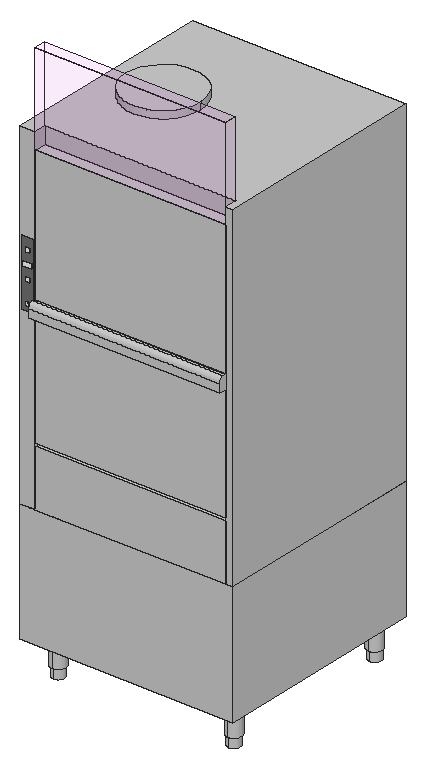
Revit family "QF_COMENDA_6G3150_6G3180_6G3185_6G3257_CAT", category Attrezzature speciali, Revit 2021
Family settings
  Quota connettore circolare = Usa diametro
  Tipo di parte = Normale
  Numero OmniClass = 23.40.40.14
  Titolo OmniClass = Food Service Equipment
  Basato su piano di lavoro = No
  Sempre verticale = Sì
  Taglio con vuoti quando caricato = No
  Condiviso = No
  Punto di calcolo locali = No
Parameters (values of type "6G3257")
  URL catalogo = "https://comenda.eu/wp-content/uploads/2024/02/Scheda-tecnica_G-EVO-605-R_15.02.2024_ITA.pdf"
  URL = "www.comenda.eu"
  Tensione = 400 V
  Temperatura raccomandata per acqua calda = 50 °C
  Show Logo [instance] = yes
  Show Clearance [instance] = yes
  Protezione contro le sovracorrenti = 16 A
  Prospetto di default = 0 mm
  Profondità = 900 mm
  Pressione minima acqua calda = 200000.0 Pa
  Potenza elettrica = 9000 W
  Pessione minima acqua fredda = 200000.0 Pa
  Peso netto = 200.00 kg
  Numero dei poli = 3
  Modello = "G-EVO 605H R RCD"
  Produttore = "COMENDA"
  Lunghezza = 860 mm
  Frequenza = 50 Hz
  Fase = 3
  Diametro raccordo acqua calda = 3/4"
  Diametro dello scarico diretto di acqua = 1 3/8"
  Descrizione = "THREE-PHASE FRONT LOADING POTWASHER WITH RCD"
  Corrente di funzionamento normale = 13.7 A
  Assembly Code = ""
  Altezza dello scarico diretto acqua da pavimento finito = 145 mm
  Altezza da terra raccordo acqua calda = 175 mm
  Altezza allacciamento elettrico da pavimento finito = 135 mm
  Altezza = 2020 mm
Types (4, lengths in mm): name | URL catalogo | Modello | Altezza
  6G3257 | "https://comenda.eu/wp-content/uploads/2024/02/Scheda-tecnica_G-EVO-605-R_15.02.2024_ITA.pdf" | "G-EVO 605H R RCD" | 2020
  6G3150 | "https://comenda.eu/wp-content/uploads/2024/02/Scheda-tecnica_G-EVO-605-R_15.02.2024_ITA.pdf" | "G-EVO 605 R RCD" | 1870
  6G3180 | "https://comenda.eu/wp-content/uploads/2024/02/Scheda-tecnica_G-EVO-655-R_15.02.2024_ITA.pdf" | "G-EVO 655 R RCD" | 1870
  6G3185 | "https://comenda.eu/wp-content/uploads/2024/02/Scheda-tecnica_G-EVO-655-R_15.02.2024_ITA.pdf" | "G-EVO 655H R RCD" | 2020
Reference planes
  plane 1 "Back": y = 0
  plane 2: z = 0
  plane 3 "Left": x = -30
  plane 4 "Right": x = 830
  plane 5 "Front": y = -900
  plane 6 "Top": z = 2020
Forms (mm)
  Revolve 1, solid
    sketch origin (60, 0, 0) x (0, 1, 0) y (0, 0, 1)
      loop
        line (-50, 135) -> (-80, 135) -> (-80, 0) -> (-55, 0) -> (-55, 40) -> (-50, 40) -> (-50, 135)
      axis (-80, 0) -> (-80, 135)
    angle from 0 to 360
  Revolve 2, solid
    sketch origin (60, -710, 0) x (0, 1, 0) y (0, 0, 1)
      loop
        line (-50, 135) -> (-80, 135) -> (-80, 0) -> (-55, 0) -> (-55, 40) -> (-50, 40) -> (-50, 135)
      axis (-80, 0) -> (-80, 135)
    angle from 0 to 360
  Revolve 3, solid
    sketch origin (770, 0, 0) x (0, 1, 0) y (0, 0, 1)
      loop
        line (-50, 135) -> (-80, 135) -> (-80, 0) -> (-55, 0) -> (-55, 40) -> (-50, 40) -> (-50, 135)
      axis (-80, 0) -> (-80, 135)
    angle from 0 to 360
  Revolve 4, solid
    sketch origin (770, -710, 0) x (0, 1, 0) y (0, 0, 1)
      loop
        line (-50, 135) -> (-80, 135) -> (-80, 0) -> (-55, 0) -> (-55, 40) -> (-50, 40) -> (-50, 135)
      axis (-80, 0) -> (-80, 135)
    angle from 0 to 360
  Extrusion 5, solid
    sketch origin (0, 0, 725.5) x (1, 0, 0) y (0, 1, 0)
      loop
        line (-30, 0) -> (-30, -870) -> (30, -870) -> (30, -820) -> (800, -820) -> (800, -870) -> (830, -870) -> (830, 0) -> (-30, 0)
    from -99.4 to 1266
  Extrusion 6, solid
    sketch origin (0, 0, 0) x (1, 0, 0) y (0, 1, 0)
      loop
        line (-30, 0) -> (-30, -870) -> (830, -870) -> (830, 0) -> (-30, 0)
    from 135 to 625
  Extrusion 7, solid
    sketch origin (30, 0, 1995) x (1, 0, 0) y (0, 1, 0)
      loop
        circle (170, -435) r 150
    from -3.5 to 25
  Extrusion 8, solid
    sketch origin (30, 0, -174) x (0, 1, 0) y (0, 0, 1)
      loop
        line (-900, 1504) -> (-870, 1504) -> (-870, 1559) -> (-880, 1559)
        arc (-880, 1559) -> (-894.142, 1553.142) -> (-900, 1539) r 20
        line (-900, 1539) -> (-900, 1504)
    from 0 to 770
  Extrusion 9, solid
    sketch origin (0, 0, 625) x (1, 0, 0) y (0, 1, 0)
      loop
        line (30, -870) -> (798.5, -870) -> (798.5, -820) -> (30, -820) -> (30, -870)
    from 0 to 229
  Extrusion 10, solid
    sketch origin (0, 0, 714.969) x (1, 0, 0) y (0, 1, 0)
      loop
        line (30, -870) -> (798.5, -870) -> (798.5, -820) -> (30, -820) -> (30, -870)
    from 150 to 670.031
  Extrusion 11, solid
    sketch origin (0, 1874.578, 2020) x (0, 1, 0) y (-1, 0, 0)
      loop
        line (-2744.578, -30) -> (-2744.578, -798.5) -> (-2694.578, -798.5) -> (-2694.578, -30) -> (-2744.578, -30)
    from -635 to -95
  Extrusion 12, solid, visible <- "Show Clearance", detail levels coarse
    sketch origin (30, 0, -119.416) x (0, 1, 0) y (0, 0, 1)
      loop
        line (-870, 984.386) -> (-870, 1504.386)
        arc (-870, 1504.386) -> (-1237.696, 1352.081) -> (-1390, 984.386) r 520
        line (-1390, 984.386) -> (-870, 984.386)
    from 0 to 768.5
  Extrusion 13, solid
    sketch origin (-775.007, -868.2, 645.031) x (1, 0, 0) y (0, 0, 1)
      loop
        line (800, 954.969) -> (750, 954.969) -> (750, 684.969) -> (800, 684.969) -> (800, 954.969)
    from 0 to 2
  Extrusion 14, solid
    sketch origin (-1776.5, -868.4, 885) x (1, 0, 0) y (0, 0, 1)
      loop
        line (1795, 624) -> (1758, 624) -> (1758, 606) -> (1795, 606) -> (1795, 624)
      loop
        line (1784.5, 569.5) -> (1768.5, 569.5) -> (1768.5, 553.5) -> (1784.5, 553.5) -> (1784.5, 569.5)
      loop
        line (1784.5, 676.5) -> (1768.5, 676.5) -> (1768.5, 660.5) -> (1784.5, 660.5) -> (1784.5, 676.5)
    from 0 to 2
  Extrusion 15, solid
    sketch origin (-1876.64, -868.4, 678.381) x (1, 0, 0) y (0, 0, 1)
      loop
        circle (1876.599, 679.608) r 7
    from 0.4 to 2.4
  Extrusion 16, solid
    sketch origin (800, -870, 725.5) x (0, 1, 0) y (0, 0, -1)
      loop
        line (0, -1199.5) -> (0, -1569.5) -> (50, -1569.5) -> (50, -1199.5) -> (0, -1199.5)
    from 0 to 770
  Extrusion 17, void
    sketch origin (60, -790, 0) x (1, 0, 0) y (0, 1, 0)
      loop
        circle (-20, 130) r 9.55
    from 0 to 175
  Extrusion 18, void
    sketch origin (60, -790, 0) x (1, 0, 0) y (0, 1, 0)
      loop
        circle (539.96, 180) r 17.5
    from 0 to 145
  Extrusion 19, solid
    sketch origin (0, 0, 135) x (0, 1, 0) y (1, 0, 0)
      loop
        circle (-848, 745) r 4.875
    from 0 to 1
Cuts and joins
  Extrusion 17, Extrusion 18 cuts Extrusion 5
  Extrusion 17, Extrusion 18 cuts Extrusion 6
  joined: Extrusion 5, Extrusion 6
Lines and regions (mm)
  symbolic lines, style "200-EquipBorder-2D"
    curve 1: line (-30, 0, 0) -> (830, 0, 0)
    curve 2: line (-30, -870, 0) -> (-30, 0, 0)
    curve 3: line (830, -870, 0) -> (-30, -870, 0)
    curve 4: line (830, 0, 0) -> (830, -870, 0)
    curve 5: line (30, -870, 0) -> (30, -900, 0)
    curve 6: line (30, -900, 0) -> (800, -900, 0)
    curve 7: line (800, -900, 0) -> (800, -870, 0)
    curve 10: line (800, -820, 0) -> (800, -870, 0)
  symbolic lines, style "200-EquipInternal-2D"
    curve 8: line (30, -870, 0) -> (30, -820, 0)
    curve 9: line (30, -820, 0) -> (800, -820, 0)
    curve 11: circle (200, -435, 0) r 150 normal (0, 0, 1)
  symbolic lines, style "QF_Door-Drawer Clearances", visible <- "Show Clearance"
    curve 12: line (30, -870, 0) -> (30, -1390, 0)
    curve 13: line (798.5, -1390, 0) -> (798.5, -870, 0)
    curve 14: line (30, -1390, 0) -> (798.5, -1390, 0)
  symbolic lines, style "200-InsPoint-3D"
    curve 15: circle (-30, 0, 0) r 0.2 normal (0, 0, 1)
    curve 16: circle (830, 0, 0) r 0.2 normal (0, 0, 1)
    curve 17: circle (-30, -870, 0) r 0.2 normal (0, 0, 1)
    curve 18: circle (830, -870, 0) r 0.2 normal (0, 0, 1)
Dimensions and locks
  plane 3 "Left" to plane 4 "Right" = 860 mm
  plane 5 "Front" to plane 1 "Back" = 900 mm
  plane 6 "Top" to level = 2020 mm
  "Altezza": plane 6 "Top" to level
  Extrusion 7 to cut or joined group of Extrusion 5, Extrusion 6, Extrusion 17, Extrusion 18 = 28.5 mm
  cut or joined group of Extrusion 5, Extrusion 6, Extrusion 17, Extrusion 18 to Extrusion 11 = 66.5 mm
  locked: Extrusion 16 sketch curve to Extrusion 7 at 275
  locked: level to Extrusion 9 at 854
  locked: Extrusion 5 to plane 6 "Top" at 28.5
  locked: Extrusion 13 to Extrusion 14 at 109
  locked: Extrusion 13 to level at 1330
  cut or joined group of Extrusion 5, Extrusion 6, Extrusion 17, Extrusion 18 to Extrusion 16 = 66.5 mm
  locked: Extrusion 10 to level at 864.969
  level to Extrusion 12 sketch curve to Extrusion 12 sketch curve = 864.969 mm locked, 520 mm
  locked: cut or joined group of Extrusion 5, Extrusion 6, Extrusion 17, Extrusion 18 to Extrusion 11 at 606.5
  locked: Extrusion 11 to Extrusion 8 at 55
  locked: cut or joined group of Extrusion 5, Extrusion 6, Extrusion 17, Extrusion 18 to level at 625
  locked: cut or joined group of Extrusion 5, Extrusion 6, Extrusion 17, Extrusion 18 to level at 135
  aligned and locked: level to plane 2
  aligned and locked: Extrusion 16 sketch curve to Extrusion 11  (x2)
  aligned and locked: cut or joined group of Extrusion 5, Extrusion 6, Extrusion 17, Extrusion 18 to Extrusion 16 sketch curve
  aligned and locked: plane 6 "Top" to Extrusion 7
  aligned and locked: Extrusion 7 to cut or joined group of Extrusion 5, Extrusion 6, Extrusion 17, Extrusion 18
  aligned and locked: Extrusion 10 to Extrusion 11
  aligned and locked: Extrusion 8 to Extrusion 11
Automatic sketch dimensions
  Revolve 1 sketch curve to level = 0 mm
  plane 1 "Back" to Revolve 1 sketch curve = 80 mm
  Revolve 1 sketch curve to Revolve 1 sketch curve = 25 mm
  Revolve 1 sketch curve to Revolve 1 sketch curve = 5 mm
  level to Revolve 1 sketch curve = 40 mm
  Revolve 1 sketch curve to Revolve 1 sketch curve = 95 mm
  Revolve 1 sketch curve to Revolve 1 sketch curve = 0 mm
  Revolve 1 sketch curve to Revolve 1 sketch curve = 35 mm
  Revolve 1 sketch curve to Revolve 1 sketch curve = 50 mm
  Revolve 2 sketch curve to level = 0 mm
  plane 5 "Front" to Revolve 2 sketch curve = 110 mm
  Revolve 2 sketch curve to Revolve 2 sketch curve = 25 mm
  Revolve 2 sketch curve to Revolve 2 sketch curve = 5 mm
  level to Revolve 2 sketch curve = 40 mm
  Revolve 2 sketch curve to Revolve 2 sketch curve = 95 mm
  Revolve 2 sketch curve to Revolve 2 sketch curve = 0 mm
  Revolve 2 sketch curve to Revolve 2 sketch curve = 35 mm
  Revolve 2 sketch curve to Revolve 2 sketch curve = 50 mm
  Revolve 3 sketch curve to level = 0 mm
  plane 1 "Back" to Revolve 3 sketch curve = 80 mm
  Revolve 3 sketch curve to Revolve 3 sketch curve = 25 mm
  Revolve 3 sketch curve to Revolve 3 sketch curve = 5 mm
  level to Revolve 3 sketch curve = 40 mm
  Revolve 3 sketch curve to Revolve 3 sketch curve = 95 mm
  Revolve 3 sketch curve to Revolve 3 sketch curve = 0 mm
  Revolve 3 sketch curve to Revolve 3 sketch curve = 35 mm
  Revolve 3 sketch curve to Revolve 3 sketch curve = 50 mm
  Revolve 4 sketch curve to level = 0 mm
  plane 5 "Front" to Revolve 4 sketch curve = 110 mm
  Revolve 4 sketch curve to Revolve 4 sketch curve = 25 mm
  Revolve 4 sketch curve to Revolve 4 sketch curve = 5 mm
  level to Revolve 4 sketch curve = 40 mm
  Revolve 4 sketch curve to Revolve 4 sketch curve = 95 mm
  Revolve 4 sketch curve to Revolve 4 sketch curve = 0 mm
  Revolve 4 sketch curve to Revolve 4 sketch curve = 35 mm
  Revolve 4 sketch curve to Revolve 4 sketch curve = 50 mm
  plane 1 "Back" to Extrusion 5 sketch curve = 0 mm
  Extrusion 5 sketch curve to plane 3 "Left" = 0 mm
  Extrusion 5 sketch curve to plane 4 "Right" = 0 mm
  plane 3 "Left" to Extrusion 5 sketch curve = 60 mm
  plane 4 "Right" to Extrusion 5 sketch curve = 30 mm
  plane 5 "Front" to Extrusion 5 sketch curve = 80 mm
  plane 5 "Front" to Extrusion 5 sketch curve = 30 mm  (x2)
  Extrusion 6 sketch curve to plane 3 "Left" = 0 mm
  Extrusion 6 sketch curve to plane 4 "Right" = 0 mm
  plane 1 "Back" to Extrusion 6 sketch curve = 0 mm
  plane 5 "Front" to Extrusion 6 sketch curve = 30 mm
  plane 3 "Left" to Extrusion 7 sketch curve = 230 mm
  plane 1 "Back" to Extrusion 7 sketch curve = 435 mm
  Extrusion 8 sketch curve to plane 5 "Front" = 0 mm
  plane 5 "Front" to Extrusion 8 sketch curve = 20 mm
  plane 5 "Front" to Extrusion 8 sketch curve = 30 mm
  Extrusion 8 sketch curve to Extrusion 8 sketch curve = 35 mm
  plane 3 "Left" to Extrusion 9 sketch curve = 60 mm
  plane 4 "Right" to Extrusion 9 sketch curve = 31.5 mm
  plane 5 "Front" to Extrusion 9 sketch curve = 30 mm
  Extrusion 9 sketch curve to Extrusion 9 sketch curve = 50 mm
  plane 3 "Left" to Extrusion 10 sketch curve = 60 mm
  plane 4 "Right" to Extrusion 10 sketch curve = 31.5 mm
  plane 5 "Front" to Extrusion 10 sketch curve = 30 mm
  Extrusion 10 sketch curve to Extrusion 10 sketch curve = 50 mm
  plane 4 "Right" to Extrusion 13 sketch curve = 855.007 mm
  plane 4 "Right" to Extrusion 13 sketch curve = 805.007 mm
  level to Extrusion 13 sketch curve = 1330 mm
  Extrusion 13 sketch curve to Extrusion 13 sketch curve = 270 mm
  plane 4 "Right" to Extrusion 15 sketch curve = 830.041 mm
  level to Extrusion 15 sketch curve = 1357.989 mm
  plane 4 "Right" to Extrusion 14 sketch curve = 848.5 mm
  Extrusion 14 sketch curve to Extrusion 14 sketch curve = 10.5 mm  (x3)
  Extrusion 14 sketch curve to Extrusion 14 sketch curve = 16 mm  (x4)
  level to Extrusion 14 sketch curve = 1438.5 mm
  Extrusion 14 sketch curve to Extrusion 14 sketch curve = 36.5 mm  (x2)
  Extrusion 14 sketch curve to Extrusion 14 sketch curve = 18 mm
  Revolve 2 to Extrusion 17 sketch curve = 20 mm
  Extrusion 18 sketch curve to Revolve 2 = 539.96 mm
  Extrusion 6 to Extrusion 19 sketch curve = 22 mm
  Extrusion 6 to Extrusion 19 sketch curve = 85 mm
  Extrusion 8 sketch curve to plane 6 "Top" = 690 mm
  plane 5 "Front" to Extrusion 11 sketch curve = 30 mm
  Extrusion 11 sketch curve to Extrusion 11 sketch curve = 50 mm
  plane 4 "Right" to Extrusion 11 sketch curve = 31.5 mm
  plane 3 "Left" to Extrusion 11 sketch curve = 60 mm
  plane 5 "Front" to Extrusion 12 sketch curve = 30 mm
  Extrusion 12 sketch curve to Extrusion 12 sketch curve = 520 mm
  level to Extrusion 12 sketch curve = 864.969 mm
  curve 17 to plane 3 "Left" = 0 mm
  curve 2 to plane 3 "Left" = 0 mm
  plane 1 "Back" to curve 15 = 0 mm
  curve 15 to plane 3 "Left" = 0 mm
  curve 5 to plane 5 "Front" = 0 mm
  curve 4 to plane 4 "Right" = 0 mm
  plane 1 "Back" to curve 16 = 0 mm
  curve 16 to plane 4 "Right" = 0 mm
  curve 18 to plane 4 "Right" = 0 mm
  plane 1 "Back" to curve 2 = 0 mm
  plane 3 "Left" to curve 14 = 60 mm
  curve 5 to curve 12 = 0 mm
  curve 9 to curve 5 = 0 mm
  plane 3 "Left" to curve 11 = 230 mm
  plane 4 "Right" to curve 14 = 31.5 mm
  plane 4 "Right" to curve 9 = 30 mm
  curve 6 to curve 10 = 0 mm
  curve 13 to plane 5 "Front" = 490 mm
  plane 5 "Front" to curve 4 = 30 mm
  curve 17 to curve 2 = 0 mm
  curve 18 to curve 3 = 0 mm
  curve 7 to curve 9 = 50 mm
  curve 8 to curve 11 = 385 mm
  radius of Extrusion 7 sketch curve = 150 mm
  radius of Extrusion 15 sketch curve = 7 mm
  radius of Extrusion 17 sketch curve = 9.55 mm
  radius of Extrusion 18 sketch curve = 17.5 mm
  radius of Extrusion 19 sketch curve = 4.875 mm
  radius of curve 11 = 150 mm
  radius of curve 15 = 0.2 mm
  radius of curve 16 = 0.2 mm
  radius of curve 17 = 0.2 mm
  radius of curve 18 = 0.2 mm
Connectors
  piping at (599.96, -610, 145), diameter 34.925, driven by "Diametro dello scarico diretto di acqua"
    settings: on cut or joined group of Extrusion 5, Extrusion 6, Extrusion 17, Extrusion 18, index 1, connector inside diameter 24", connector length 0 mm, flow factor 0, pipe flow 0.0 L/s, pressure drop 0.0 Pa, fitting loss kfactor 0, connector angle 0.00°, fixture units 0, engagement length 0 mm, angle of deflection 0.00°, flow configuration 0, flow direction 2, fitting loss method 0, system type 7, joint type 0, gender type 0, connector reference index -1, connector utility 0, adjustable connector no, is connector primary yes, connector description "QF_DRAIN_CONNECTION"
  piping at (40, -660, 175), diameter 19.05, driven by "Diametro raccordo acqua calda"
    settings: on cut or joined group of Extrusion 5, Extrusion 6, Extrusion 17, Extrusion 18, index 2, connector inside diameter 24", connector length 0 mm, flow factor 0, pipe flow 0.0 L/s, pressure drop 0.0 Pa, fitting loss kfactor 0, connector angle 0.00°, fixture units 0, engagement length 0 mm, angle of deflection 0.00°, flow configuration 0, flow direction 1, fitting loss method 0, system type 7, joint type 0, gender type 0, connector reference index -1, connector utility 0, adjustable connector no, is connector primary no, connector description "WATER_CONNECTION"
  electrical at (745, -848, 135), driven by "Numero dei poli", driven by "Tensione", driven by "Potenza elettrica"
    settings: on Extrusion 19, index 3, voltage 400 V, apparent load 9000 VA, apparent load phase1 0 VA, apparent load phase2 0 VA, apparent load phase3 0 VA, power factor 1, load classification "Altro", number of poles 3, system type 30, power factor state 1, is connector primary yes, connector utility no, sub classification motor no, connector description "QF_ELECTRICAL_CONNECTION"
  hvac at (200, -435, 2020)
    settings: on Extrusion 7, index 4, duct flow 0.0 L/s, flow factor 0, pres drop 0.0 Pa, loss coef 0, conn angle 0.00°, conn width 304.8 mm, conn height 304.8 mm, conn diameter 300 mm, duct sys type 3, conn prof type 0, flow config 0, flow direction 2, loss method 0, conn ref index -1, conn util no, is conn primary yes, conn desc "QF_EXHAUST_AIR_CONNECTION"
